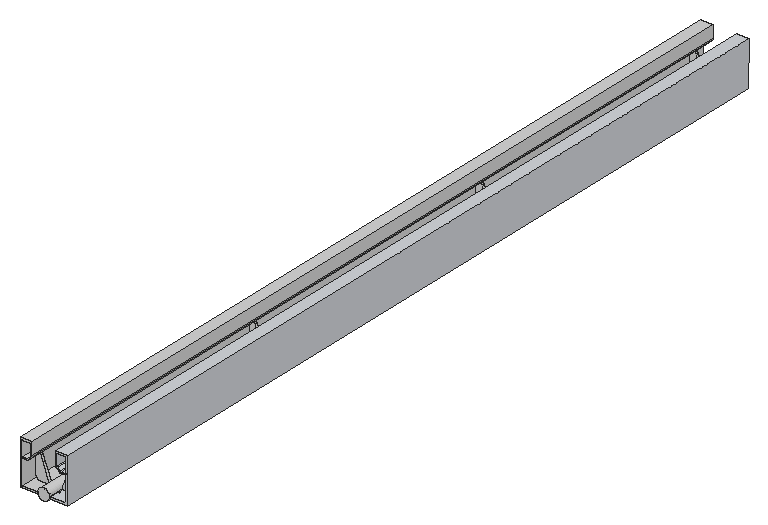
Revit family "ML_ML HINGED OUTSIDE CORNER 6'_1920140", category Generic Models, Revit 2018
Family settings
  Can host rebar = No
  Round Connector Dimension = Use Diameter
  Part Type = Normal
  OmniClass Number = 35.51.14.00
  OmniClass Title = FORMWORK
  Work Plane-Based = Yes
  Always vertical = No
  Cut with Voids When Loaded = No
  Shared = Yes
  Room Calculation Point = No
Parameters
  VERSION = "20190101"  # constant formula
  URL = "www.ulmaconstruction.com/en"
  UNICLASS = ""
  REAL ANGLE [instance] = if(ANGLE > 60.00°, ANGLE, 60.00°)  # 180.00°
  ITEM_CODE = "1920140"
  Manufacturer = "ULMA CONSTRUCTION"  # constant formula
  INSERTION PLANE [instance] = if(REAL ANGLE = 180.00°, 0.000 mm, (4.000 mm) / cos(90.00° - REAL ANGLE) + 4.000 mm * tan(90.00° - REAL ANGLE))  # 0.000 mm
  FILTER [instance] = ""
  Default Elevation = 0.000 mm
  CLASSIFICATION_TITLE = ""
  CLASSIFICATION_NUMBER = ""
  ANGLE [instance] = 180.00°
Reference planes
  plane 1 "Centro (Frontal/Posterior)": y = 0
  plane 2: z = 0
  plane 3 "Centro (Izquierda/Derecha)": x = 0
  plane 4 "ITEM_HEIGHT": y = 1828.8
  plane 5 "CENTER": z = 4
  plane 6 "INSERTION PLANE": x = 0
Forms (mm)
  Extrusion 1, solid, material "ULMA ZINC", detail levels fine
    sketch origin (0, 0, 0) x (-1, 0, 0) y (0, 0, -1)
      loop
        line (12.6, -4) -> (46.8, -4) -> (46.8, -92.5) -> (25.8, -92.5) -> (25.8, -96.5) -> (50.8, -96.5) -> (50.8, 0) -> (12.6, 0) -> (12.6, -4)
    from -1828.8 to 0
  Extrusion 2, solid, material "ULMA ZINC", detail levels fine
    sketch origin (0, 0, 0) x (1, 0, 0) y (0, 0, 1)
      loop
        arc (-28.3, 68.571) -> (-28.49, 67.614) -> (-29.032, 66.803) r 2.5
        line (-29.032, 66.803) -> (-35.103, 60.732)
        arc (-35.103, 60.732) -> (-35.914, 60.19) -> (-36.871, 60) r 2.5
        line (-36.871, 60) -> (-46.8, 60) -> (-46.8, 57.5) -> (-36.871, 57.5)
        arc (-36.871, 57.5) -> (-34.958, 57.881) -> (-33.336, 58.964) r 5
        line (-33.336, 58.964) -> (-27.264, 65.036)
        arc (-27.264, 65.036) -> (-26.181, 66.658) -> (-25.8, 68.571) r 5
        line (-25.8, 68.571) -> (-25.8, 92.5) -> (-28.3, 92.5) -> (-28.3, 68.571)
    from -1828.8 to 0
  Extrusion 3, solid, material "ULMA ZINC", detail levels fine
    sketch origin (0, 0, 0) x (1, 0, 0) y (0, 0, 1)
      loop
        circle (0, 4) r 12.5
    from -1828.8 to 0
  Extrusion 4, solid, material "ULMA ZINC", detail levels fine
    sketch origin (0, 0, 0) x (1, 0, 0) y (0, 0, 1)
      loop
        line (-12.8, 4) -> (-33.3, 57.5) -> (-46.8, 57.5) -> (-46.8, 14) -> (-36.8, 4) -> (-12.8, 4)
    from -33 to -37
  Extrusion 5, solid, material "ULMA ZINC", detail levels fine
    sketch origin (0, 0, 0) x (1, 0, 0) y (0, 0, 1)
      loop
        line (-12.8, 4) -> (-33.3, 57.5) -> (-46.8, 57.5) -> (-46.8, 14) -> (-36.8, 4) -> (-12.8, 4)
    from -1791.8 to -1795.8
  Extrusion 6, solid, material "ULMA ZINC", detail levels fine
    sketch origin (0, 0, 0) x (1, 0, 0) y (0, 0, 1)
      loop
        line (-12.8, 4) -> (-33.3, 57.5) -> (-46.8, 57.5) -> (-46.8, 14) -> (-36.8, 4) -> (-12.8, 4)
    from -607.6 to -611.6
  Extrusion 7, solid, material "ULMA ZINC", detail levels fine
    sketch origin (0, 0, 0) x (1, 0, 0) y (0, 0, 1)
      loop
        line (-12.8, 4) -> (-33.3, 57.5) -> (-46.8, 57.5) -> (-46.8, 14) -> (-36.8, 4) -> (-12.8, 4)
    from -1217.2 to -1221.2
Cuts and joins
  joined: Extrusion 1, Extrusion 2, Extrusion 4
Lines and regions (mm)
  model lines, style "ULMA PANELS", detail levels fine
    curve 1: circle (-50.8, 152.4, 38.1) r 10 normal (1, 0, 0)
    curve 2: circle (-46.8, 152.4, 38.1) r 10 normal (1, 0, 0)
    curve 3: circle (-46.8, 457.2, 38.1) r 10 normal (1, 0, 0)
    curve 4: circle (-46.8, 762, 38.1) r 10 normal (1, 0, 0)
    curve 5: circle (-46.8, 1066.8, 38.1) r 10 normal (1, 0, 0)
    curve 6: circle (-50.8, 457.2, 38.1) r 10 normal (1, 0, 0)
    curve 7: circle (-50.8, 762, 38.1) r 10 normal (1, 0, 0)
    curve 8: circle (-50.8, 1066.8, 38.1) r 10 normal (1, 0, 0)
    curve 17: circle (-46.8, 1371.6, 38.1) r 10 normal (1, 0, 0)
    curve 18: circle (-46.8, 1676.4, 38.1) r 10 normal (1, 0, 0)
    curve 19: circle (-50.8, 1371.6, 38.1) r 10 normal (1, 0, 0)
    curve 20: circle (-50.8, 1676.4, 38.1) r 10 normal (1, 0, 0)
  model lines, style "ULMA PANELS", detail levels medium
    curve 9: line (0, 1828.8, 0) -> (-50.8, 1828.8, 0)
    curve 10: line (-50.8, 1828.8, 0) -> (-50.8, 0, 0)
    curve 11: line (-50.8, 0, 0) -> (0, 0, 0)
    curve 12: line (0, 0, 0) -> (0, 1828.8, 0)
    curve 13: line (-50.8, 0, 0) -> (-50.8, 0, 96.5)
    curve 14: line (-50.8, 0, 96.5) -> (-50.8, 1828.8, 96.5)
    curve 15: line (-50.8, 1828.8, 96.5) -> (-50.8, 1828.8, 0)
  reference lines
    curve 16: line (0, 0, 4) -> (209.588, 0, 4)
Dimensions and locks
  locked: plane 1 "Centro (Frontal/Posterior)" to curve 2 at 152.4
  locked: plane 1 "Centro (Frontal/Posterior)" to plane 4 "ITEM_HEIGHT" at 1828.8
  locked: curve 1 to plane 1 "Centro (Frontal/Posterior)" at 152.4
  locked: plane 5 "CENTER" to plane 2 at 4
  "INSERTION PLANE": plane 3 "Centro (Izquierda/Derecha)" to plane 6 "INSERTION PLANE"
  "REAL ANGLE": angle plane 5 "CENTER" to curve 16
  aligned and locked: level to plane 2
  aligned and locked: plane 4 "ITEM_HEIGHT" to Extrusion 3
  aligned and locked: Extrusion 3 to Extrusion 1
  aligned and locked: Extrusion 1 to Extrusion 2
  aligned and locked: plane 3 "Centro (Izquierda/Derecha)" to curve 16
  aligned and locked: nested 1 to plane 4 "ITEM_HEIGHT"
  aligned and locked: nested 1 to plane 1 "Centro (Frontal/Posterior)"
  aligned and locked: plane 5 "CENTER" to curve 16
  aligned and locked: curve 16 to nested 1
Automatic sketch dimensions
  Extrusion 1 sketch curve to level = 0.000 mm
  Extrusion 1 sketch curve to level = 4.000 mm
  plane 3 "Centro (Izquierda/Derecha)" to Extrusion 1 sketch curve = 12.600 mm
  plane 3 "Centro (Izquierda/Derecha)" to Extrusion 1 sketch curve = 25.800 mm
  Extrusion 1 sketch curve to Extrusion 1 sketch curve = 34.200 mm
  Extrusion 1 sketch curve to Extrusion 1 sketch curve = 4.000 mm  (x2)
  Extrusion 1 sketch curve to Extrusion 1 sketch curve = 88.500 mm
  Extrusion 2 sketch curve to Extrusion 2 sketch curve = 0.000 mm  (x4)
  Extrusion 2 sketch curve to plane 3 "Centro (Izquierda/Derecha)" = 46.800 mm
  Extrusion 2 sketch curve to Extrusion 2 sketch curve = 9.929 mm
  Extrusion 2 sketch curve to Extrusion 2 sketch curve = 1.768 mm  (x4)
  Extrusion 2 sketch curve to Extrusion 2 sketch curve = 6.071 mm  (x2)
  Extrusion 2 sketch curve to Extrusion 2 sketch curve = 2.500 mm  (x3)
  level to Extrusion 2 sketch curve = 57.500 mm
  Extrusion 2 sketch curve to Extrusion 2 sketch curve = 1.464 mm
  Extrusion 2 sketch curve to Extrusion 2 sketch curve = 23.929 mm
  Extrusion 3 sketch curve to plane 3 "Centro (Izquierda/Derecha)" = 0.000 mm
  level to Extrusion 3 sketch curve = 4.000 mm
  curve 9 to plane 4 "ITEM_HEIGHT" = 0.000 mm
  plane 1 "Centro (Frontal/Posterior)" to curve 10 = 0.000 mm
  curve 9 to plane 3 "Centro (Izquierda/Derecha)" = 0.000 mm
  curve 11 to plane 3 "Centro (Izquierda/Derecha)" = 50.800 mm
  curve 13 to Extrusion 1 = 0.000 mm  (x3)
  curve 15 to Extrusion 1 = 0.000 mm  (x2)
  Extrusion 4 sketch curve to plane 5 "CENTER" = 0.000 mm
  Extrusion 4 sketch curve to plane 3 "Centro (Izquierda/Derecha)" = 46.800 mm
  Extrusion 4 sketch curve to Extrusion 4 sketch curve = 10.000 mm
  Extrusion 4 sketch curve to Extrusion 4 sketch curve = 13.500 mm
  Extrusion 4 sketch curve to plane 3 "Centro (Izquierda/Derecha)" = 12.800 mm
  plane 5 "CENTER" to Extrusion 4 sketch curve = 10.000 mm
  Extrusion 4 sketch curve to Extrusion 4 sketch curve = 43.500 mm
  Extrusion 5 sketch curve to plane 5 "CENTER" = 0.000 mm
  plane 5 "CENTER" to Extrusion 5 sketch curve = 10.000 mm
  Extrusion 5 sketch curve to plane 3 "Centro (Izquierda/Derecha)" = 46.800 mm
  Extrusion 5 sketch curve to Extrusion 5 sketch curve = 10.000 mm
  Extrusion 5 sketch curve to Extrusion 5 sketch curve = 13.500 mm
  Extrusion 5 sketch curve to plane 3 "Centro (Izquierda/Derecha)" = 12.800 mm
  Extrusion 5 sketch curve to Extrusion 5 sketch curve = 43.500 mm
  Extrusion 6 sketch curve to plane 5 "CENTER" = 0.000 mm
  plane 5 "CENTER" to Extrusion 6 sketch curve = 10.000 mm
  Extrusion 6 sketch curve to plane 3 "Centro (Izquierda/Derecha)" = 46.800 mm
  Extrusion 6 sketch curve to Extrusion 6 sketch curve = 10.000 mm
  Extrusion 6 sketch curve to Extrusion 6 sketch curve = 13.500 mm
  Extrusion 6 sketch curve to plane 3 "Centro (Izquierda/Derecha)" = 12.800 mm
  Extrusion 6 sketch curve to Extrusion 6 sketch curve = 43.500 mm
  Extrusion 7 sketch curve to plane 5 "CENTER" = 0.000 mm
  plane 5 "CENTER" to Extrusion 7 sketch curve = 10.000 mm
  Extrusion 7 sketch curve to plane 3 "Centro (Izquierda/Derecha)" = 46.800 mm
  Extrusion 7 sketch curve to Extrusion 7 sketch curve = 10.000 mm
  Extrusion 7 sketch curve to Extrusion 7 sketch curve = 13.500 mm
  Extrusion 7 sketch curve to plane 3 "Centro (Izquierda/Derecha)" = 12.800 mm
  Extrusion 7 sketch curve to Extrusion 7 sketch curve = 43.500 mm
  plane 5 "CENTER" to curve 1 = 34.100 mm
  curve 1 to plane 1 "Centro (Frontal/Posterior)" = 152.400 mm
  plane 5 "CENTER" to curve 6 = 34.100 mm
  curve 6 to curve 1 = 304.800 mm
  plane 5 "CENTER" to curve 7 = 34.100 mm
  curve 7 to curve 6 = 304.800 mm
  plane 5 "CENTER" to curve 8 = 34.100 mm
  curve 8 to curve 7 = 304.800 mm
  plane 5 "CENTER" to curve 19 = 34.100 mm
  curve 19 to curve 8 = 304.800 mm
  plane 5 "CENTER" to curve 20 = 34.100 mm
  curve 20 to plane 4 "ITEM_HEIGHT" = 152.400 mm
  plane 5 "CENTER" to curve 2 = 34.100 mm
  curve 2 to plane 1 "Centro (Frontal/Posterior)" = 152.400 mm
  plane 5 "CENTER" to curve 3 = 34.100 mm
  curve 2 to curve 3 = 304.800 mm
  plane 5 "CENTER" to curve 4 = 34.100 mm
  curve 3 to curve 4 = 304.800 mm
  plane 5 "CENTER" to curve 5 = 34.100 mm
  curve 4 to curve 5 = 304.800 mm
  plane 5 "CENTER" to curve 17 = 34.100 mm
  curve 5 to curve 17 = 304.800 mm
  plane 5 "CENTER" to curve 18 = 34.100 mm
  curve 18 to plane 4 "ITEM_HEIGHT" = 152.400 mm
  radius of Extrusion 3 sketch curve = 12.500 mm
  radius of curve 1 = 10.000 mm
  radius of curve 6 = 10.000 mm
  radius of curve 7 = 10.000 mm
  radius of curve 8 = 10.000 mm
  radius of curve 19 = 10.000 mm
  radius of curve 20 = 10.000 mm
  radius of curve 2 = 10.000 mm
  radius of curve 3 = 10.000 mm
  radius of curve 4 = 10.000 mm
  radius of curve 5 = 10.000 mm
  radius of curve 17 = 10.000 mm
  radius of curve 18 = 10.000 mm
Nested families
  nested 1: "LATERAL - 1920122_PANELS" at (0, 1828.8, 0), type "LATERAL - 1920122_PANELS"
    with FILTER ""
Definition of nested family "LATERAL - 1920122_PANELS"
  Parameters (values of type "LATERAL - 1920122_PANELS")
    VERSION = "20190101"  # constant formula
    URL = "www.ulmaconstruction.com/en"
    UNICLASS = ""
    Manufacturer = "ULMA CONSTRUCTION"  # constant formula
    FILTER [instance] = ""
    Default Elevation = 0.000 mm
    CLASSIFICATION_TITLE = ""
    CLASSIFICATION_NUMBER = ""
  Reference planes
    plane 1 "Centro (Frontal/Posterior)": y = 0
    plane 2: z = 0
    plane 3 "Centro (Izquierda/Derecha)": x = 0
    plane 4 "ITEM_HEIGHT": y = 1828.8
  Forms (mm)
    Extrusion 1, solid, detail levels fine
      sketch origin (0, 0, 0) x (1, 0, 0) y (0, 0, 1)
        loop
          line (12.6, 4) -> (12.6, 0) -> (50.8, 0) -> (50.8, 96.5) -> (25.8, 96.5) -> (25.8, 92.5) -> (46.8, 92.5) -> (46.8, 4) -> (12.6, 4)
      from -1828.8 to 0
    Extrusion 2, solid, detail levels fine
      sketch origin (0, 0, 0) x (-1, 0, 0) y (0, 0, -1)
        loop
          line (-28.3, -68.571) -> (-28.3, -92.5) -> (-25.8, -92.5) -> (-25.8, -68.571)
          arc (-25.8, -68.571) -> (-26.181, -66.658) -> (-27.264, -65.036) r 5
          line (-27.264, -65.036) -> (-33.336, -58.964)
          arc (-33.336, -58.964) -> (-34.958, -57.881) -> (-36.871, -57.5) r 5
          line (-36.871, -57.5) -> (-46.8, -57.5) -> (-46.8, -60) -> (-36.871, -60)
          arc (-36.871, -60) -> (-35.914, -60.19) -> (-35.103, -60.732) r 2.5
          line (-35.103, -60.732) -> (-29.032, -66.803)
          arc (-29.032, -66.803) -> (-28.49, -67.614) -> (-28.3, -68.571) r 2.5
      from -1828.8 to 0
    Extrusion 3, solid, detail levels fine
      sketch origin (0, 0, 0) x (1, 0, 0) y (0, 0, 1)
        loop
          line (12.8, 4) -> (36.8, 4) -> (46.8, 14) -> (46.8, 57.5) -> (33.3, 57.5) -> (12.8, 4)
      from -37 to -33
    Extrusion 4, solid, detail levels fine
      sketch origin (0, 0, 0) x (1, 0, 0) y (0, 0, 1)
        loop
          line (12.8, 4) -> (36.8, 4) -> (46.8, 14) -> (46.8, 57.5) -> (33.3, 57.5) -> (12.8, 4)
      from -611.6 to -607.6
    Extrusion 5, solid, detail levels fine
      sketch origin (0, 0, 0) x (1, 0, 0) y (0, 0, 1)
        loop
          line (12.8, 4) -> (36.8, 4) -> (46.8, 14) -> (46.8, 57.5) -> (33.3, 57.5) -> (12.8, 4)
      from -1221.2 to -1217.2
    Extrusion 6, solid, detail levels fine
      sketch origin (0, 0, 0) x (1, 0, 0) y (0, 0, 1)
        loop
          line (12.8, 4) -> (36.8, 4) -> (46.8, 14) -> (46.8, 57.5) -> (33.3, 57.5) -> (12.8, 4)
      from -1795.8 to -1791.8
  Lines and regions (mm)
    model lines, detail levels medium
      curve 1: line (0, 1828.8, 0) -> (50.8, 1828.8, 0)
      curve 2: line (50.8, 0, 0) -> (0, 0, 0)
      curve 5: line (50.8, 1828.8, 0) -> (50.8, 0, 0)
      curve 6: line (50.8, 0, 0) -> (50.8, 0, 96.5)
      curve 7: line (50.8, 0, 96.5) -> (50.8, 1828.8, 96.5)
      curve 8: line (50.8, 1828.8, 96.5) -> (50.8, 1828.8, 0)
    model lines, detail levels fine
      curve 3: circle (50.8, 152.4, 38.1) r 10 normal (1, 0, 0)
      curve 4: circle (46.8, 152.4, 38.1) r 10 normal (1, 0, 0)
      curve 9: circle (50.8, 457.2, 38.1) r 10 normal (1, 0, 0)
      curve 10: circle (50.8, 762, 38.1) r 10 normal (1, 0, 0)
      curve 11: circle (50.8, 1066.8, 38.1) r 10 normal (1, 0, 0)
      curve 12: circle (46.8, 457.2, 38.1) r 10 normal (1, 0, 0)
      curve 13: circle (46.8, 762, 38.1) r 10 normal (1, 0, 0)
      curve 14: circle (46.8, 1066.8, 38.1) r 10 normal (1, 0, 0)
      curve 15: circle (50.8, 1371.6, 38.1) r 10 normal (1, 0, 0)
      curve 16: circle (50.8, 1676.4, 38.1) r 10 normal (1, 0, 0)
      curve 17: circle (46.8, 1371.6, 38.1) r 10 normal (1, 0, 0)
      curve 18: circle (46.8, 1676.4, 38.1) r 10 normal (1, 0, 0)
  Dimensions and locks
    locked: plane 1 "Centro (Frontal/Posterior)" to plane 4 "ITEM_HEIGHT" at 1828.8
    locked: plane 1 "Centro (Frontal/Posterior)" to curve 3 at 152.4
    locked: curve 4 to plane 1 "Centro (Frontal/Posterior)" at 152.4
    aligned and locked: level to plane 2
    aligned and locked: Extrusion 2 to Extrusion 1
    aligned and locked: plane 4 "ITEM_HEIGHT" to Extrusion 1
